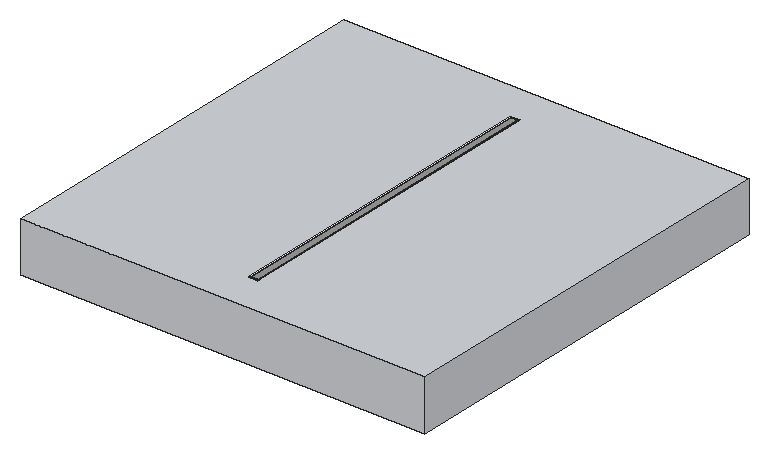
Revit family "LAMP_FIL 45 1960MM OPAL RECESSED", category Luminarias, Revit 2018
Family settings
  Anfitrión = Cara
  Cota de conector redondo = Diámetro de uso
  Tipo de pieza = Normal
  Corte con vacíos al cargar = No
  Origen de luz = Sí
  Compartido = No
  Punto de cálculo de habitación = No
Parameters (values of type "4550LM 3000K  BLACK")
  Ángulo de inclinación = -90.00°
  Weight = 4.44 kg
  Wattage = 27.8 W
  Type = "MID POWER TRIDONIC"
  built-in parameter 1150107 = 3000 (stored number, unit not read)
  Recessed dimensions = "1966x55x76"
  built-in parameter 1150110 = 1 (stored number, unit not read)
  built-in parameter 1150109 = 1 (stored number, unit not read)
  built-in parameter 1150112 = 1 (stored number, unit not read)
  built-in parameter 1150113 = 1 (stored number, unit not read)
  built-in parameter 1114218 = 1 (stored number, unit not read)
  Protection rating = "IP20 / IK07"
  Product datasheet = "http://www.lamp.es/product-files/TECH/F41RE196MOOP830NB-EN.pdf"
  Product code = "F41RE196MOOP830NB"
  Product URL = "https://www.lamp.es/en/family/fil-45_413951"
  Power Supply = "220-240V 50/60Hz"
  Power = 27 W
  Plum = 27.8 W
  Photobiological risk = ""
  NOT COVER 2 [instance] = not(END COVER 2)  # no
  NOT COVER 1 [instance] = not(END COVER 1)  # no
  built-in parameter 1150137 = (empty or 0)
  built-in parameter 1150132 = 2
  Modelo = Product code  # "F41RE196MOOP830NB"
  Model Explanation = ""
  Material suspension = LAMP_Acero genérico
  Material perfil = LAMP_Aluminio Perfil Fil NG
  Material difusor = LAMP_PC Difusor Opal Fil
  Manufacturer name = "LAMP"
  Manufacturer country = "Spain"
  Manufacturer URL = "http://www.lamp.es/en"
  MacAdam = "3"
  Longitud de línea de emisión = 1960 mm
  Last update = "26/03/2021"
  Lamp = "MID-POWER LED"
  LED Lifetime = "70.000 L80 B10"
  built-in parameter 1150105 = 1146.4 (stored number, unit not read)
  built-in parameter 1150102 = (empty or 0)
  Insulation class = "I"
  Installation instructions = "https://www.lamp.es/product-files/INS/1004580-C%20INSTR.%20FIL45.pdf"
  built-in parameter 1150106 = 11.464 (stored number, unit not read)
  IEE = "A+"
  Gear = "Electronic"
  Lumens = 3013.8 lm
  Finish = "Matte black RAL 9011"
  Color Filter = 16777215
  built-in parameter 1114217 = 1 (stored number, unit not read)
  built-in parameter 1150139 = (empty or 0)
  Fabricante = Manufacturer name  # "LAMP"
  Default Elevation = 1219.2 mm
  built-in parameter 1150104 = 10.072 (stored number, unit not read)
  Efficacy = 108.41 lm/W
  END COVER 2 [instance] = yes
  END COVER 1 [instance] = yes
  Dimensions = "1960x55x76"
  Descripción = "FIL45 REC 1960 4550 WW OPAL BK."
  built-in parameter 1150115 = 1 (stored number, unit not read)
  built-in parameter 1150114 = 1 (stored number, unit not read)
  built-in parameter 1150138 = (empty or 0)
  built-in parameter 1150134 = 3
  Dimming Lamp Color Temperature Shift = (empty or 0)
  CRI = "80"
  Archivo de red fotométrica = "F41RE196MOOP830NB.IES"
  built-in parameter 1150133 = 10 (stored number, unit not read)
Types (24, lengths in mm): name | Weight | Wattage | built-in parameter 1150107 | Product datasheet | Product code | Power | Plum | Modelo | Material perfil | LED Lifetime | built-in parameter 1150105 | built-in parameter 1150106 | Lumens | Finish | built-in parameter 1150104 | Efficacy | Descripción | Archivo de red fotométrica
  10850LM 3000K DALI BLACK | 4.683 kg | 68.9 W | 3000 (stored number, unit not read) | "http://www.lamp.es/product-files/TECH/F41RE196HOOP830DB-EN.pdf" | "F41RE196HOOP830DB" | 63 W | 68.9 W | "F41RE196HOOP830DB" | LAMP_Aluminio Perfil Fil NG | "72.000 L80 B10" | 2482 (stored number, unit not read) | 24.82 (stored number, unit not read) | 6524.83 lm | "Matte black RAL 9011" | 8.7979 (stored number, unit not read) | 94.7 lm/W | "FIL45 REC 1960 10850 WW OPAL DALI BK." | "F41RE196HOOP830nB.IES"
  10850LM 3000K DALI GREY | 4.683 kg | 68.9 W | 3000 (stored number, unit not read) | "http://www.lamp.es/product-files/TECH/F41RE196HOOP830DG-EN.pdf" | "F41RE196HOOP830DG" | 63 W | 68.9 W | "F41RE196HOOP830DG" | LAMP_Aluminio Perfil Fil GR | "72.000 L80 B10" | 2482 (stored number, unit not read) | 24.82 (stored number, unit not read) | 6524.83 lm | "Gloss grey" | 8.7979 (stored number, unit not read) | 94.7 lm/W | "FIL45 REC 1960 10850 WW OPAL DALI GR." | "F41RE196HOOP830nG.IES"
  10850LM 3000K DALI WHITE | 4.683 kg | 68.9 W | 3000 (stored number, unit not read) | "http://www.lamp.es/product-files/TECH/F41RE196HOOP830DW-EN.pdf" | "F41RE196HOOP830DW" | 63 W | 68.9 W | "F41RE196HOOP830DW" | LAMP_Aluminio Perfil Fil BL | "72.000 L80 B10" | 2482 (stored number, unit not read) | 24.82 (stored number, unit not read) | 6524.83 lm | "Matte white RAL 9010" | 8.7979 (stored number, unit not read) | 94.7 lm/W | "FIL45 REC 1960 10850 WW OPAL DALI WH." | "F41RE196HOOP830nW.IES"
  10850LM 3000K  BLACK | 4.49 kg | 68.9 W | 3000 (stored number, unit not read) | "http://www.lamp.es/product-files/TECH/F41RE196HOOP830NB-EN.pdf" | "F41RE196HOOP830NB" | 63 W | 68.9 W | "F41RE196HOOP830NB" | LAMP_Aluminio Perfil Fil NG | "72.000 L80 B10" | 2482 (stored number, unit not read) | 24.82 (stored number, unit not read) | 6524.83 lm | "Matte black RAL 9011" | 8.7979 (stored number, unit not read) | 94.7 lm/W | "FIL45 REC 1960 10850 WW OPAL BK." | "F41RE196HOOP830NB.IES"
  10850LM 3000K  GREY | 4.49 kg | 68.9 W | 3000 (stored number, unit not read) | "http://www.lamp.es/product-files/TECH/F41RE196HOOP830NG-EN.pdf" | "F41RE196HOOP830NG" | 63 W | 68.9 W | "F41RE196HOOP830NG" | LAMP_Aluminio Perfil Fil GR | "72.000 L80 B10" | 2482 (stored number, unit not read) | 24.82 (stored number, unit not read) | 6524.83 lm | "Gloss grey" | 8.7979 (stored number, unit not read) | 94.7 lm/W | "FIL45 REC 1960 10850 WW OPAL GR." | "F41RE196HOOP830NG.IES"
  10850LM 3000K  WHITE | 4.49 kg | 68.9 W | 3000 (stored number, unit not read) | "http://www.lamp.es/product-files/TECH/F41RE196HOOP830NW-EN.pdf" | "F41RE196HOOP830NW" | 63 W | 68.9 W | "F41RE196HOOP830NW" | LAMP_Aluminio Perfil Fil BL | "72.000 L80 B10" | 2482 (stored number, unit not read) | 24.82 (stored number, unit not read) | 6524.83 lm | "Matte white RAL 9010" | 8.7979 (stored number, unit not read) | 94.7 lm/W | "FIL45 REC 1960 10850 WW OPAL WH." | "F41RE196HOOP830NW.IES"
  10850LM 4000K DALI BLACK | 4.683 kg | 68.9 W | 4000 (stored number, unit not read) | "http://www.lamp.es/product-files/TECH/F41RE196HOOP840DB-EN.pdf" | "F41RE196HOOP840DB" | 63 W | 68.9 W | "F41RE196HOOP840DB" | LAMP_Aluminio Perfil Fil NG | "72.000 L80 B10" | 2482 (stored number, unit not read) | 24.82 (stored number, unit not read) | 6524.83 lm | "Matte black RAL 9011" | 8.7979 (stored number, unit not read) | 94.7 lm/W | "FIL45 REC 1960 10850 NW OPAL DALI BK." | "F41RE196HOOP840nB.IES"
  10850LM 4000K DALI GREY | 4.683 kg | 68.9 W | 4000 (stored number, unit not read) | "http://www.lamp.es/product-files/TECH/F41RE196HOOP840DG-EN.pdf" | "F41RE196HOOP840DG" | 63 W | 68.9 W | "F41RE196HOOP840DG" | LAMP_Aluminio Perfil Fil GR | "72.000 L80 B10" | 2482 (stored number, unit not read) | 24.82 (stored number, unit not read) | 6524.83 lm | "Gloss grey" | 8.7979 (stored number, unit not read) | 94.7 lm/W | "FIL45 REC 1960 10850 NW OPAL DALI GR." | "F41RE196HOOP840nG.IES"
  10850LM 4000K DALI WHITE | 4.683 kg | 68.9 W | 4000 (stored number, unit not read) | "http://www.lamp.es/product-files/TECH/F41RE196HOOP840DW-EN.pdf" | "F41RE196HOOP840DW" | 63 W | 68.9 W | "F41RE196HOOP840DW" | LAMP_Aluminio Perfil Fil BL | "72.000 L80 B10" | 2482 (stored number, unit not read) | 24.82 (stored number, unit not read) | 6524.83 lm | "Matte white RAL 9010" | 8.7979 (stored number, unit not read) | 94.7 lm/W | "FIL45 REC 1960 10850 NW OPAL DALI WH." | "F41RE196HOOP840nW.IES"
  10850LM 4000K  BLACK | 4.49 kg | 68.9 W | 4000 (stored number, unit not read) | "http://www.lamp.es/product-files/TECH/F41RE196HOOP840NB-EN.pdf" | "F41RE196HOOP840NB" | 63 W | 68.9 W | "F41RE196HOOP840NB" | LAMP_Aluminio Perfil Fil NG | "72.000 L80 B10" | 2482 (stored number, unit not read) | 24.82 (stored number, unit not read) | 6524.83 lm | "Matte black RAL 9011" | 8.7979 (stored number, unit not read) | 94.7 lm/W | "FIL45 REC 1960 10850 NW OPAL BK." | "F41RE196HOOP840NB.IES"
  10850LM 4000K  GREY | 4.49 kg | 68.9 W | 4000 (stored number, unit not read) | "http://www.lamp.es/product-files/TECH/F41RE196HOOP840NG-EN.pdf" | "F41RE196HOOP840NG" | 63 W | 68.9 W | "F41RE196HOOP840NG" | LAMP_Aluminio Perfil Fil GR | "72.000 L80 B10" | 2482 (stored number, unit not read) | 24.82 (stored number, unit not read) | 6524.83 lm | "Gloss grey" | 8.7979 (stored number, unit not read) | 94.7 lm/W | "FIL45 REC 1960 10850 NW OPAL GR." | "F41RE196HOOP840NG.IES"
  10850LM 4000K  WHITE | 4.49 kg | 68.9 W | 4000 (stored number, unit not read) | "http://www.lamp.es/product-files/TECH/F41RE196HOOP840NW-EN.pdf" | "F41RE196HOOP840NW" | 63 W | 68.9 W | "F41RE196HOOP840NW" | LAMP_Aluminio Perfil Fil BL | "72.000 L80 B10" | 2482 (stored number, unit not read) | 24.82 (stored number, unit not read) | 6524.83 lm | "Matte white RAL 9010" | 8.7979 (stored number, unit not read) | 94.7 lm/W | "FIL45 REC 1960 10850 NW OPAL WH." | "F41RE196HOOP840NW.IES"
  4550LM 3000K DALI BLACK | 4.668 kg | 27.8 W | 3000 (stored number, unit not read) | "http://www.lamp.es/product-files/TECH/F41RE196MOOP830DB-EN.pdf" | "F41RE196MOOP830DB" | 27 W | 27.8 W | "F41RE196MOOP830DB" | LAMP_Aluminio Perfil Fil NG | "70.000 L80 B10" | 1146.4 (stored number, unit not read) | 11.464 (stored number, unit not read) | 3013.8 lm | "Matte black RAL 9011" | 10.072 (stored number, unit not read) | 108.41 lm/W | "FIL45 REC 1960 4550 WW OPAL DALI BK." | "F41RE196MOOP830nB.IES"
  4550LM 3000K DALI GREY | 4.668 kg | 27.8 W | 3000 (stored number, unit not read) | "http://www.lamp.es/product-files/TECH/F41RE196MOOP830DG-EN.pdf" | "F41RE196MOOP830DG" | 27 W | 27.8 W | "F41RE196MOOP830DG" | LAMP_Aluminio Perfil Fil GR | "70.000 L80 B10" | 1146.4 (stored number, unit not read) | 11.464 (stored number, unit not read) | 3013.8 lm | "Gloss grey" | 10.072 (stored number, unit not read) | 108.41 lm/W | "FIL45 REC 1960 4550 WW OPAL DALI GR." | "F41RE196MOOP830nG.IES"
  4550LM 3000K DALI WHITE | 4.668 kg | 27.8 W | 3000 (stored number, unit not read) | "http://www.lamp.es/product-files/TECH/F41RE196MOOP830DW-EN.pdf" | "F41RE196MOOP830DW" | 27 W | 27.8 W | "F41RE196MOOP830DW" | LAMP_Aluminio Perfil Fil BL | "70.000 L80 B10" | 1146.4 (stored number, unit not read) | 11.464 (stored number, unit not read) | 3013.8 lm | "Matte white RAL 9010" | 10.072 (stored number, unit not read) | 108.41 lm/W | "FIL45 REC 1960 4550 WW OPAL DALI WH." | "F41RE196MOOP830nW.IES"
  4550LM 3000K  BLACK | 4.44 kg | 27.8 W | 3000 (stored number, unit not read) | "http://www.lamp.es/product-files/TECH/F41RE196MOOP830NB-EN.pdf" | "F41RE196MOOP830NB" | 27 W | 27.8 W | "F41RE196MOOP830NB" | LAMP_Aluminio Perfil Fil NG | "70.000 L80 B10" | 1146.4 (stored number, unit not read) | 11.464 (stored number, unit not read) | 3013.8 lm | "Matte black RAL 9011" | 10.072 (stored number, unit not read) | 108.41 lm/W | "FIL45 REC 1960 4550 WW OPAL BK." | "F41RE196MOOP830NB.IES"
  4550LM 3000K  GREY | 4.44 kg | 27.8 W | 3000 (stored number, unit not read) | "http://www.lamp.es/product-files/TECH/F41RE196MOOP830NG-EN.pdf" | "F41RE196MOOP830NG" | 27 W | 27.8 W | "F41RE196MOOP830NG" | LAMP_Aluminio Perfil Fil GR | "70.000 L80 B10" | 1146.4 (stored number, unit not read) | 11.464 (stored number, unit not read) | 3013.8 lm | "Gloss grey" | 10.072 (stored number, unit not read) | 108.41 lm/W | "FIL45 REC 1960 4550 WW OPAL GR." | "F41RE196MOOP830NG.IES"
  4550LM 3000K  WHITE | 4.44 kg | 27.8 W | 3000 (stored number, unit not read) | "http://www.lamp.es/product-files/TECH/F41RE196MOOP830NW-EN.pdf" | "F41RE196MOOP830NW" | 27 W | 27.8 W | "F41RE196MOOP830NW" | LAMP_Aluminio Perfil Fil BL | "70.000 L80 B10" | 1146.4 (stored number, unit not read) | 11.464 (stored number, unit not read) | 3013.8 lm | "Matte white RAL 9010" | 10.072 (stored number, unit not read) | 108.41 lm/W | "FIL45 REC 1960 4550 WW OPAL WH." | "F41RE196MOOP830NW.IES"
  4550LM 4000K DALI BLACK | 4.668 kg | 27.8 W | 4000 (stored number, unit not read) | "http://www.lamp.es/product-files/TECH/F41RE196MOOP840DB-EN.pdf" | "F41RE196MOOP840DB" | 27 W | 27.8 W | "F41RE196MOOP840DB" | LAMP_Aluminio Perfil Fil NG | "70.000 L80 B10" | 1201.8 (stored number, unit not read) | 12.018 (stored number, unit not read) | 3159.47 lm | "Matte black RAL 9011" | 10.558 (stored number, unit not read) | 113.65 lm/W | "FIL45 REC 1960 4550 NW OPAL DALI BK." | "F41RE196MOOP840nB.IES"
  4550LM 4000K DALI GREY | 4.668 kg | 27.8 W | 4000 (stored number, unit not read) | "http://www.lamp.es/product-files/TECH/F41RE196MOOP840DG-EN.pdf" | "F41RE196MOOP840DG" | 27 W | 27.8 W | "F41RE196MOOP840DG" | LAMP_Aluminio Perfil Fil GR | "70.000 L80 B10" | 1201.8 (stored number, unit not read) | 12.018 (stored number, unit not read) | 3159.47 lm | "Gloss grey" | 10.558 (stored number, unit not read) | 113.65 lm/W | "FIL45 REC 1960 4550 NW OPAL DALI GR." | "F41RE196MOOP840nG.IES"
  4550LM 4000K DALI WHITE | 4.668 kg | 27.8 W | 4000 (stored number, unit not read) | "http://www.lamp.es/product-files/TECH/F41RE196MOOP840DW-EN.pdf" | "F41RE196MOOP840DW" | 27 W | 27.8 W | "F41RE196MOOP840DW" | LAMP_Aluminio Perfil Fil BL | "70.000 L80 B10" | 1201.8 (stored number, unit not read) | 12.018 (stored number, unit not read) | 3159.47 lm | "Matte white RAL 9010" | 10.558 (stored number, unit not read) | 113.65 lm/W | "FIL45 REC 1960 4550 NW OPAL DALI WH." | "F41RE196MOOP840nW.IES"
  4550LM 4000K  BLACK | 4.44 kg | 27.8 W | 4000 (stored number, unit not read) | "http://www.lamp.es/product-files/TECH/F41RE196MOOP840NB-EN.pdf" | "F41RE196MOOP840NB" | 27 W | 27.8 W | "F41RE196MOOP840NB" | LAMP_Aluminio Perfil Fil NG | "70.000 L80 B10" | 1201.8 (stored number, unit not read) | 12.018 (stored number, unit not read) | 3159.47 lm | "Matte black RAL 9011" | 10.558 (stored number, unit not read) | 113.65 lm/W | "FIL45 REC 1960 4550 NW OPAL BK." | "F41RE196MOOP840NB.IES"
  4550LM 4000K  GREY | 4.44 kg | 27.8 W | 4000 (stored number, unit not read) | "http://www.lamp.es/product-files/TECH/F41RE196MOOP840NG-EN.pdf" | "F41RE196MOOP840NG" | 27 W | 27.8 W | "F41RE196MOOP840NG" | LAMP_Aluminio Perfil Fil GR | "70.000 L80 B10" | 1201.8 (stored number, unit not read) | 12.018 (stored number, unit not read) | 3159.47 lm | "Gloss grey" | 10.558 (stored number, unit not read) | 113.65 lm/W | "FIL45 REC 1960 4550 NW OPAL GR." | "F41RE196MOOP840NG.IES"
  4550LM 4000K  WHITE | 4.44 kg | 27.8 W | 4000 (stored number, unit not read) | "http://www.lamp.es/product-files/TECH/F41RE196MOOP840NW-EN.pdf" | "F41RE196MOOP840NW" | 27 W | 27.8 W | "F41RE196MOOP840NW" | LAMP_Aluminio Perfil Fil BL | "70.000 L80 B10" | 1201.8 (stored number, unit not read) | 12.018 (stored number, unit not read) | 3159.47 lm | "Matte white RAL 9010" | 10.558 (stored number, unit not read) | 113.65 lm/W | "FIL45 REC 1960 4550 NW OPAL WH." | "F41RE196MOOP840NW.IES"
Reference planes
  plane 1 "Centro (Frontal/Posterior)": y = 0
  plane 2: z = 0
  plane 3 "Centro (Izquierda/Derecha)": x = 0
Forms (mm)
  Extrusion 1, solid
    sketch origin (0, 0, 0) x (1, 0, 0) y (0, 1, 0)
      loop
        line (-1219.2, 1219.2) -> (-1219.2, -1219.2) -> (1219.2, -1219.2) -> (1219.2, 1219.2) -> (-1219.2, 1219.2)
    from 0 to -304.8
  Extrusion 2, solid, material "LAMP_Aluminio Perfil Fil NG" <- "Material perfil"
    sketch origin (0, 0, -281.8) x (1, 0, 0) y (0, 0, 1)
      loop
        line (17.8, 259) -> (0, 259) -> (-17.8, 259) -> (-21.5, 259) -> (-21.5, 283) -> (-27.5, 283) -> (-27.5, 281.8) -> (-22.5, 281.8) -> (-22.5, 206.5) -> (22.5, 206.5) -> (22.5, 281.8) -> (27.5, 281.8) -> (27.5, 283) -> (21.5, 283) -> (21.5, 259) -> (17.8, 259)
    from -980 to 980
  Extrusion 3, solid, material "LAMP_PC Difusor Opal Fil" <- "Material difusor"
    sketch origin (0, 0, -281.8) x (1, 0, 0) y (0, 0, 1)
      loop
        line (-21.5, 283) -> (-21.5, 281.8) -> (21.5, 281.8) -> (21.5, 283) -> (-21.5, 283)
    from -980 to 980
Text (mm)
  text "Any modification of the parameters and properties of the LAMP BIM models must be executed and validated by the LAMP technical department.\nPhone: +34 93 736 68 00\nE-mail: lamp@lamp.es\n\nLAMP reserves the right to modify the technical specifications of its products." at (3112.338, 5316.624, -2868.509), in view "Preview"
Dimensions and locks
  aligned and locked: plane 2 to Extrusion 1
  aligned and locked: level to Extrusion 1
Nested families
  nested 1: "LAMP_FIL 45 END COVER RECESSED" at (0, -981, -75.3), visible <- "END COVER 1", type "Blanco"
  nested 2: "LAMP_FIL 45 END COVER RECESSED" at (0, 981, -75.3), visible <- "END COVER 2", type "Blanco"
Connectors
  electrical at (0, 0, -75.3)
    settings: on Extrusion 2, index 1, voltage 230 V, apparent load 0 VA, apparent load phase1 0 VA, apparent load phase2 0 VA, apparent load phase3 0 VA, power factor 1, load classification "Otro", number of poles 1, system type 31, power factor state 1, is connector primary yes, connector utility no, sub classification motor no, connector description ""
Definition of nested family "LAMP_FIL 45 END COVER RECESSED"
  Parameters (values of type "LAMP_FIL 45 END COVER RECESSED")
    Material tapa = none
  Reference planes
    plane 1 "Centro (Frontal/Posterior)": y = 0
    plane 2: z = 0
    plane 3 "Centro (Izquierda/Derecha)": x = 0
  Forms (mm)
    Extrusion 1, solid, material <- "Material tapa"
      sketch origin (0, 0, 76.8) x (0, -1, 0) y (0, 0, -1)
        loop
          line (1, 1.5) -> (1, 76.8) -> (-1, 76.8) -> (-1, 0.3) -> (4.5, 0.3) -> (4.5, 1.5) -> (1, 1.5)
      from -27.5 to 27.5
    Extrusion 2, void
      sketch origin (0, 0, 0) x (1, 0, 0) y (0, 0, 1)
        loop
          line (27.5, 75.3) -> (22.5, 75.3) -> (22.5, 0) -> (27.5, 0) -> (27.5, 75.3)
      from -23.5 to 23.5
    Extrusion 3, void
      sketch origin (0, 0, 0) x (1, 0, 0) y (0, 0, 1)
        loop
          line (-27.5, 75.3) -> (-27.5, 0) -> (-22.5, 0) -> (-22.5, 75.3) -> (-27.5, 75.3)
      from -23.5 to 23.5
  Cuts and joins
    Extrusion 2, Extrusion 3 cuts Extrusion 1
  Dimensions and locks
    aligned and locked: level to plane 2
